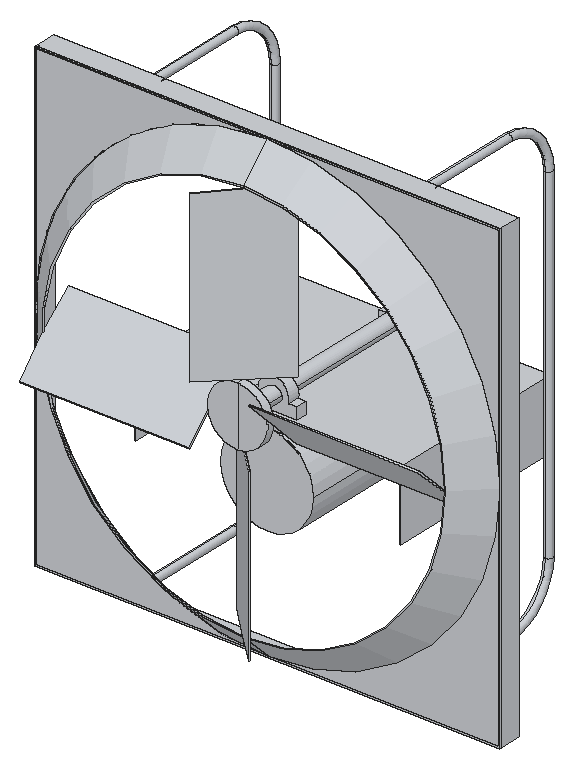
Revit family "XMWH", category Mechanical Equipment, Revit 2019
Family settings
  Round Connector Dimension = Use Diameter
  Part Type = Normal
  Work Plane-Based = No
  Always vertical = Yes
  Cut with Voids When Loaded = No
  Shared = No
  Room Calculation Point = No
Parameters (values of type "54_XMWH")
  Unit Weight [instance] = ""
  Sones [instance] = ""
  SIZE/2 = SIZE / 2  # 2' - 5 15/16"
  SIZE = D - 0' 0 1/8"  # 4' - 11 7/8"
  Motor RPM [instance] = ""
  Motor Enclosure [instance] = ""
  ModelID [instance] = ""
  MOTOR = D / 10  # 0' - 6"
  LwA [instance] = ""
  Fan RPM [instance] = ""
  D/2 = D / 2  # 2' - 6"
  D = 5' - 0"
  E/2 = E / 2  # 0' - 1 1/2"
  E = 0' - 3"
  C/2 = C / 2  # 0' - 3 7/8"
  C = 0' - 7 3/4"
  B/4 = B / 4  # 0' - 6 37/64"
  B/2 = B / 2  # 1' - 1 5/32"
  B = 2' - 2 5/16"
  Accessories [instance] = ""
  A/7 = A / 7  # 0' - 8.59821"
  A/3.5 = A / 3.5  # 1' - 5.19643"
  A/2 = A / 2  # 2' - 6 3/32"
  A = 5' - 0 3/16"
  9" = 0' - 9"  # constant formula
  4'6" = 4' - 6"  # constant formula
  3" = 0' - 3"  # constant formula
  Brake Hp [instance] = ""
  4" = 0' - 4"  # constant formula
  2' = 2' - 0"
  2" = 0' - 2"  # constant formula
  1" = 0' - 1"  # constant formula
  0 = 0' - 0"  # constant formula
  Voltage [instance] = 0 V
  URL = "www.lorencook.com"
  Type Comments = "Heavy Duty Medium-Pressure Wall Exhaust Fan Steel Propeller Belt Drive"  # constant formula
  Static Pressure [instance] = 0.00 in-wg
  Power [instance] = Voltage * Motor FLA * sqrt(if(Phase = 3, 3, 1))  # 0 VA
  Phase [instance] = 0
  Number of Poles [instance] = 1
  Motor Hp [instance] = "0"
  Motor FLA [instance] = 0 A
  Model = "XMMH"  # constant formula
  Manufacturer = "Loren Cook Company"
  CFM [instance] = 0 CFM
  1.5 = 0' - 1 1/2"  # constant formula
  1/2 = 0' - 0 1/2"  # constant formula
  ONE EIGTH = 0' - 0 1/8"  # constant formula
  -D = -E  # -0' - 3"
  -C/2 = -C / 2  # -0' - 3 7/8"
  -B+1" = -B + 0' 2"  # -2' - 0 5/16"
  -B = -B  # -2' - 2 5/16"
  -((SIZE/2)-.25") = -((SIZE / 2) - 0' 0 1/4")  # -2' - 5 11/16"
  -((A/2)-C-.5") = -((A / 2) - C - 0' 0 1/2")  # -1' - 9 27/32"
  (SIZE/2)-.25" = (SIZE / 2) - 0' 0 1/4"  # 2' - 5 11/16"
  (D_SUP/2)-(C/2)-.125" = (D / 2) - (C / 2) - 0' 0 1/8"  # 2' - 2"
  (A/2)-C-.5" = (A / 2) - C - 0' 0 1/2"  # 1' - 9 27/32"
  (A/2)-1" = (A / 2) - 0' 0 1/4"  # 2' - 5 27/32"
Types (9): name | SIZE/2 | SIZE | MOTOR | D/2 | D | E/2 | E | C/2 | C | B/4 | B/2 | B | A/7 | A/3.5 | A/2 | A | -D | -C/2 | -B+1" | -B | -((SIZE/2)-.25") | -((A/2)-C-.5") | (SIZE/2)-.25" | (D_SUP/2)-(C/2)-.125" | (A/2)-C-.5" | (A/2)-1"
  (no name) | 2' - 5 15/16" | 4' - 11 7/8" | 0' - 6" | 2' - 6" | 5' - 0" | 0' - 1 1/2" | 0' - 3" | 0' - 3 7/8" | 0' - 7 3/4" | 0' - 6 37/64" | 1' - 1 5/32" | 2' - 2 5/16" | 0' - 8.59821" | 1' - 5.19643" | 2' - 6 3/32" | 5' - 0 3/16" | -0' - 3" | -0' - 3 7/8" | -2' - 0 5/16" | -2' - 2 5/16" | -2' - 5 11/16" | -1' - 9 27/32" | 2' - 5 11/16" | 2' - 2" | 1' - 9 27/32" | 2' - 5 27/32"
  24_XMWH | 1' - 2 15/16" | 2' - 5 7/8" | 0' - 3" | 1' - 3" | 2' - 6" | 0' - 1 1/2" | 0' - 3" | 0' - 3 3/8" | 0' - 6 3/4" | 0' - 4 49/64" | 0' - 9 17/32" | 1' - 7 1/16" | 0' - 4 5/16" | 0' - 8 5/8" | 1' - 3 3/32" | 2' - 6 3/16" | -0' - 3" | -0' - 3 3/8" | -1' - 5 1/16" | -1' - 7 1/16" | -1' - 2 11/16" | -0' - 7 27/32" | 1' - 2 11/16" | 0' - 11 1/2" | 0' - 7 27/32" | 1' - 2 27/32"
  30_XMWH | 1' - 5 15/16" | 2' - 11 7/8" | 0' - 3.6" | 1' - 6" | 3' - 0" | 0' - 1 1/2" | 0' - 3" | 0' - 3 3/8" | 0' - 6 3/4" | 0' - 4 49/64" | 0' - 9 17/32" | 1' - 7 1/16" | 0' - 5.16964" | 0' - 10.33929" | 1' - 6 3/32" | 3' - 0 3/16" | -0' - 3" | -0' - 3 3/8" | -1' - 5 1/16" | -1' - 7 1/16" | -1' - 5 11/16" | -0' - 10 27/32" | 1' - 5 11/16" | 1' - 2 1/2" | 0' - 10 27/32" | 1' - 5 27/32"
  36_XMWH | 1' - 8 15/16" | 3' - 5 7/8" | 0' - 4.2" | 1' - 9" | 3' - 6" | 0' - 1 1/2" | 0' - 3" | 0' - 3 11/16" | 0' - 7 3/8" | 0' - 4 49/64" | 0' - 9 17/32" | 1' - 7 1/16" | 0' - 6.02679" | 1' - 0.05357" | 1' - 9 3/32" | 3' - 6 3/16" | -0' - 3" | -0' - 3 11/16" | -1' - 5 1/16" | -1' - 7 1/16" | -1' - 8 11/16" | -1' - 1 7/32" | 1' - 8 11/16" | 1' - 5 3/16" | 1' - 1 7/32" | 1' - 8 27/32"
  42_XMWH | 1' - 11 15/16" | 3' - 11 7/8" | 0' - 4.8" | 2' - 0" | 4' - 0" | 0' - 1 1/2" | 0' - 3" | 0' - 3 25/32" | 0' - 7 9/16" | 0' - 5 11/64" | 0' - 10 11/32" | 1' - 8 11/16" | 0' - 6.88393" | 1' - 1.76786" | 2' - 0 3/32" | 4' - 0 3/16" | -0' - 3" | -0' - 3 25/32" | -1' - 6 11/16" | -1' - 8 11/16" | -1' - 11 11/16" | -1' - 4 1/32" | 1' - 11 11/16" | 1' - 8 3/32" | 1' - 4 1/32" | 1' - 11 27/32"
  48_XMWH | 2' - 2 15/16" | 4' - 5 7/8" | 0' - 5.4" | 2' - 3" | 4' - 6" | 0' - 1 1/2" | 0' - 3" | 0' - 3 15/16" | 0' - 7 7/8" | 0' - 6 37/64" | 1' - 1 5/32" | 2' - 2 5/16" | 0' - 7.74107" | 1' - 3.48214" | 2' - 3 3/32" | 4' - 6 3/16" | -0' - 3" | -0' - 3 15/16" | -2' - 0 5/16" | -2' - 2 5/16" | -2' - 2 11/16" | -1' - 6 23/32" | 2' - 2 11/16" | 1' - 10 15/16" | 1' - 6 23/32" | 2' - 2 27/32"
  54_XMWH | 2' - 5 15/16" | 4' - 11 7/8" | 0' - 6" | 2' - 6" | 5' - 0" | 0' - 1 1/2" | 0' - 3" | 0' - 3 7/8" | 0' - 7 3/4" | 0' - 6 37/64" | 1' - 1 5/32" | 2' - 2 5/16" | 0' - 8.59821" | 1' - 5.19643" | 2' - 6 3/32" | 5' - 0 3/16" | -0' - 3" | -0' - 3 7/8" | -2' - 0 5/16" | -2' - 2 5/16" | -2' - 5 11/16" | -1' - 9 27/32" | 2' - 5 11/16" | 2' - 2" | 1' - 9 27/32" | 2' - 5 27/32"
  60_XMWH | 2' - 8 15/16" | 5' - 5 7/8" | 0' - 6.6" | 2' - 9" | 5' - 6" | 0' - 1 1/2" | 0' - 3" | 0' - 3 15/16" | 0' - 7 7/8" | 0' - 6 37/64" | 1' - 1 5/32" | 2' - 2 5/16" | 0' - 9.45536" | 1' - 6.91071" | 2' - 9 3/32" | 5' - 6 3/16" | -0' - 3" | -0' - 3 15/16" | -2' - 0 5/16" | -2' - 2 5/16" | -2' - 8 11/16" | -2' - 0 23/32" | 2' - 8 11/16" | 2' - 4 15/16" | 2' - 0 23/32" | 2' - 8 27/32"
  20_XMWH | 0' - 11 15/16" | 1' - 11 7/8" | 0' - 2.4" | 1' - 0" | 2' - 0" | 0' - 1" | 0' - 2" | 0' - 2 5/8" | 0' - 5 1/4" | 0' - 4 49/64" | 0' - 9 17/32" | 1' - 7 1/16" | 0' - 3.45536" | 0' - 6.91071" | 1' - 0 3/32" | 2' - 0 3/16" | -0' - 2" | -0' - 2 5/8" | -1' - 5 1/16" | -1' - 7 1/16" | -0' - 11 11/16" | -0' - 6 11/32" | 0' - 11 11/16" | 0' - 9 1/4" | 0' - 6 11/32" | 0' - 11 27/32"
Reference planes (in)
  plane 1 "Center (Front/Back)": y = 0
  plane 2: z = 0
  plane 3 "Center (Left/Right)": x = 0.40541
Forms (in)
  Revolve 1, solid
    sketch origin (0.40541, 0, 0) x (0, 1, 0) y (0, 0, 1)
      loop
        line (-4.875, 3.875) -> (-4.875, 0) -> (-3.875, 0) -> (-3.875, 3.875) -> (-4.875, 3.875)
      axis (-4.875, 0) -> (-3.875, 0)
    angle from 0 to 360
  Extrusion 2, solid
    sketch origin (0.40541, 0, 0) x (0, 1, 0) y (0, 0, 1)
      loop
        line (0, -3.875) -> (-7.75, 3.875) -> (-7.83839, 3.78661) -> (-0.08839, -3.96339) -> (0, -3.875)
    from 48 to 3.875 <- "C/2"
  Extrusion 3, solid
    sketch origin (0.40541, 0, 0) x (0, 1, 0) y (-1, 0, 0)
      loop
        line (0, -3.875) -> (-7.75, 3.875) -> (-7.83839, 3.78661) -> (-0.08839, -3.96339) -> (0, -3.875)
    from 48 to 3.875 <- "C/2"
  Extrusion 4, solid
    sketch origin (0.40541, 0, 0) x (0, 1, 0) y (0, 0, -1)
      loop
        line (0, -3.875) -> (-7.75, 3.875) -> (-7.83839, 3.78661) -> (-0.08839, -3.96339) -> (0, -3.875)
    from 48 to 3.875 <- "C/2"
  Extrusion 5, solid
    sketch origin (0.40541, 0, 0) x (1, 0, 0) y (0, 1, 0)
      loop
        line (-3.875, 0) -> (-3.96339, -0.08839) -> (3.78661, -7.83839) -> (3.875, -7.75) -> (-3.875, 0)
    from -48 to -3.875 <- "-C/2"
  Extrusion 6, void
    sketch origin (0, 0, 0) x (1, 0, 0) y (0, 0, 1)
      loop
        circle (0.40541, 0) r 26
      loop
        circle (0.40541, 0) r 54
    from 0 to 10
  Extrusion 7, solid
    sketch origin (0, 0, 0) x (1, 0, 0) y (0, 0, 1)
      loop
        line (-29.68834, 30.09375) -> (-29.68834, -30.09375) -> (30.49916, -30.09375) -> (30.49916, 30.09375) -> (-29.68834, 30.09375)
      loop
        circle (0.40541, 0) r 30
    from 0 to -0.125
  Extrusion 8, solid
    sketch origin (0, 0, 0) x (1, 0, 0) y (0, 0, 1)
      loop
        line (-29.68834, 30.09375) -> (-29.68834, -30.09375) -> (30.49916, -30.09375) -> (30.49916, 30.09375) -> (-29.68834, 30.09375)
      loop
        line (30.37416, -29.96875) -> (30.37416, 29.96875) -> (-29.56334, 29.96875) -> (-29.56334, -29.96875) -> (30.37416, -29.96875)
    from 0 to -3 <- "-D"
  Extrusion 9, solid
    sketch origin (0, 0, 0) x (1, 0, 0) y (0, 0, 1)
      loop
        circle (0.40541, 0) r 1
    from 2 to -26.3125 <- "-B"
  Extrusion 10, solid
    sketch origin (0, 0, 0) x (1, 0, 0) y (0, 0, 1)
      loop
        line (-16.79102, -2) -> (-16.79102, -11) -> (-16.66602, -11) -> (-16.66602, -3.5) -> (17.47684, -3.5) -> (17.47684, -11) -> (17.60184, -11) -> (17.60184, -2) -> (-16.79102, -2)
    from 0 to -24.3125 <- "-B+1""
  Sweep 11, solid
    path origin (0.40541, 0, 0) x (0, 1, 0) y (0, 0, 1)
      loop
        line (0.125, 28.96875) -> (16.73437, 28.96875)
        arc (16.73437, 28.96875) -> (21.38581, 27.04206) -> (23.3125, 22.39062) r 6.57812
        line (23.3125, 22.39062) -> (23.3125, -22.39062)
        arc (23.3125, -22.39062) -> (21.38581, -27.04206) -> (16.73437, -28.96875) r 6.57812
        line (16.73437, -28.96875) -> (0.125, -28.96875)
    profile origin (0.40541, 8.42969, 28.96875) x (0, 0, 1) y (1, 0, 0)
      loop
        circle (0, -17.69643) r 0.5
      loop
        circle (0, 17.69643) r 0.5
  Revolve 12, solid
    sketch origin (0.40541, 0, 0) x (0, 1, 0) y (0, 0, 1)
      loop
        line (0, 30) -> (-3.875, 26.17563) -> (-3.875, 26) -> (0, 29.82437) -> (0, 30)
      axis (-3.875, 0) -> (0, 0)
    angle from 0 to 360
  Extrusion 13, solid
    sketch origin (0, 24.3125, 0) x (-1, 0, 0) y (0, 0, 1)
      loop
        circle (-0.40541, -9.5) r 6
    from 0 to -24.3125 <- "-B+1""
  Extrusion 14, solid
    sketch origin (0, 26.3125, 0) x (-1, 0, 0) y (0, 0, 1)
      loop
        circle (-0.40541, -9.5) r 1
    from 0 to -2
  Extrusion 15, solid
    sketch origin (0, 24.3125, 0) x (-1, 0, 0) y (0, 0, 1)
      loop
        line (-3.40541, -0.5) -> (-3.40541, -2) -> (2.59459, -2) -> (2.59459, -0.5) -> (1.53108, -0.5)
        arc (1.53108, -0.5) -> (-0.40541, 2) -> (-2.3419, -0.5) r 2
        line (-2.3419, -0.5) -> (-3.40541, -0.5)
    from -2.5 to -1
  Extrusion 16, solid
    sketch origin (0, 0, 0) x (1, 0, 0) y (0, 0, 1)
      loop
        arc (2.3419, -0.5) -> (0.40541, 2) -> (-1.53108, -0.5) r 2
        line (-1.53108, -0.5) -> (-2.59459, -0.5) -> (-2.59459, -2) -> (3.40541, -2) -> (3.40541, -0.5) -> (2.3419, -0.5)
    from -2.5 to -1
Cuts and joins
  Extrusion 6 cuts Revolve 1
  Extrusion 6 cuts Extrusion 2
  Extrusion 6 cuts Extrusion 3
  Extrusion 6 cuts Extrusion 4
  Extrusion 6 cuts Extrusion 5
Dimensions and locks (in)
  "0": Revolve 1 sketch curve to level  (x2)
  "C/2": Revolve 1 sketch curve to level
  "C/2": plane 1 "Center (Front/Back)" to Revolve 1 sketch curve
  "1"": Revolve 1 sketch curve to Revolve 1 sketch curve
  "0": Extrusion 2 sketch curve to plane 1 "Center (Front/Back)"
  "C": plane 1 "Center (Front/Back)" to Extrusion 2 sketch curve
  "C/2": Extrusion 2 sketch curve to level
  "C/2": level to Extrusion 2 sketch curve
  "ONE EIGTH": Extrusion 2 sketch curve to Extrusion 2 sketch curve
  "ONE EIGTH": Extrusion 3 sketch curve to Extrusion 3 sketch curve
  "ONE EIGTH": Extrusion 4 sketch curve to Extrusion 4 sketch curve
  "ONE EIGTH": Extrusion 5 sketch curve to Extrusion 5 sketch curve
  Extrusion 6 sketch curve to plane 3 "Center (Left/Right)" = 0' - 0"  (x2)
  level to Extrusion 6 sketch curve = 0' - 0"
  Extrusion 6 sketch curve to level = 0' - 0"
  "0": Extrusion 3 sketch curve to plane 1 "Center (Front/Back)"
  "C": Extrusion 3 sketch curve to plane 1 "Center (Front/Back)"
  "C/2": plane 3 "Center (Left/Right)" to Extrusion 3 sketch curve
  "C/2": Extrusion 3 sketch curve to plane 3 "Center (Left/Right)"
  "C": plane 1 "Center (Front/Back)" to Extrusion 4 sketch curve
  "0": Extrusion 4 sketch curve to plane 1 "Center (Front/Back)"
  "C/2": level to Extrusion 4 sketch curve
  "C/2": Extrusion 4 sketch curve to level
  "0": Extrusion 5 sketch curve to plane 1 "Center (Front/Back)"
  "C": Extrusion 5 sketch curve to plane 1 "Center (Front/Back)"
  "C/2": plane 3 "Center (Left/Right)" to Extrusion 5 sketch curve
  "C/2": Extrusion 5 sketch curve to plane 3 "Center (Left/Right)"
  "A/2": plane 3 "Center (Left/Right)" to Extrusion 7 sketch curve
  "A/2": Extrusion 7 sketch curve to plane 3 "Center (Left/Right)"
  "A/2": Extrusion 7 sketch curve to level
  "A/2": level to Extrusion 7 sketch curve
  "0": Extrusion 7 sketch curve to level
  "0": Extrusion 7 sketch curve to plane 3 "Center (Left/Right)"
  "ONE EIGTH": Extrusion 8 sketch curve to Extrusion 8 sketch curve  (x4)
  "A/2": plane 3 "Center (Left/Right)" to Extrusion 8 sketch curve  (x2)
  "A/2": level to Extrusion 8 sketch curve
  "A/2": Extrusion 8 sketch curve to level
  "0": Extrusion 9 sketch curve to level
  "0": Extrusion 9 sketch curve to plane 3 "Center (Left/Right)"
  "2"": level to Extrusion 10 sketch curve
  "9"": Extrusion 10 sketch curve to Extrusion 10 sketch curve  (x2)
  "A/3.5": Extrusion 10 sketch curve to plane 3 "Center (Left/Right)"
  "A/3.5": plane 3 "Center (Left/Right)" to Extrusion 10 sketch curve
  "ONE EIGTH": Sweep 11 sketch curve to plane 1 "Center (Front/Back)"  (x2)
  "1"": Extrusion 8 to Sweep 11 sketch curve  (x2)
  "0": Sweep 11 sketch curve to profile plane  (x2)
  "1/2": Sweep 11 sketch curve to Extrusion 10  (x2)
  "0": Revolve 12 sketch curve to level
  "ONE EIGTH": Extrusion 10 sketch curve to Extrusion 10 sketch curve  (x2)
  "1.5": Extrusion 10 sketch curve to Extrusion 10 sketch curve
  "1"": Extrusion 10 to Sweep 11 sketch curve
  "0": Extrusion 13 sketch curve to plane 3 "Center (Left/Right)"
  "MOTOR": Extrusion 13 sketch curve to Extrusion 10
  "0": Extrusion 14 sketch curve to plane 3 "Center (Left/Right)"
  "MOTOR": Extrusion 14 sketch curve to Extrusion 10
  "0": Extrusion 10 to Extrusion 15 sketch curve
  "1.5": Extrusion 15 sketch curve to Extrusion 15 sketch curve
  "3"": plane 3 "Center (Left/Right)" to Extrusion 15 sketch curve  (x2)
  "0": Extrusion 15 sketch curve to plane 3 "Center (Left/Right)"
  "0": level to Extrusion 15 sketch curve
  "0": Extrusion 16 sketch curve to plane 3 "Center (Left/Right)"
  "0": Extrusion 16 sketch curve to level
  "0": Extrusion 10 to Extrusion 16 sketch curve
  "1.5": Extrusion 10 to Extrusion 16 sketch curve
  "3"": plane 3 "Center (Left/Right)" to Extrusion 16 sketch curve  (x2)
  "0": Extrusion 8 to Revolve 12 sketch curve
  "ONE EIGTH": Revolve 12 sketch curve to Revolve 12 sketch curve
  "C/2": Revolve 12 sketch curve to Revolve 12 sketch curve
  "D/2": Revolve 12 sketch curve to level
  "(D_SUP/2)-(C/2)-.125"": Revolve 12 sketch curve to level
  "(D_SUP/2)-(C/2)-.125"": radius of Extrusion 6 sketch curve
  "D/2": radius of Extrusion 7 sketch curve
  "1"": radius of Extrusion 9 sketch curve
  "B/4": radius of Sweep 11 sketch curve  (x2)
  "1/2": radius of Sweep 11 sketch curve  (x2)
  "MOTOR": radius of Extrusion 13 sketch curve
  "1"": radius of Extrusion 14 sketch curve
  "2"": radius of Extrusion 15 sketch curve
  "2"": radius of Extrusion 16 sketch curve
  "4'6"": radius of Extrusion 6 sketch curve
Automatic sketch dimensions
  Revolve 1 sketch curve to plane 1 "Center (Front/Back)" = 0' - 0"
  Revolve 1 sketch curve to Revolve 1 sketch curve = 2' - 2"
  Extrusion 15 sketch curve to Extrusion 15 sketch curve = 0' - 1.06351"
  Extrusion 16 sketch curve to Extrusion 16 sketch curve = 0' - 1.06351"
  Extrusion 16 sketch curve to Extrusion 16 sketch curve = 0' - 0"  (x2)
  plane 1 "Center (Front/Back)" to Revolve 12 sketch curve = 0' - 3 1/4"
  Revolve 12 sketch curve to Revolve 12 sketch curve = 0' - 1.44822"
Connectors (in)
  hvac at (0.40541, 3, 0), driven by "A", driven by "A", driven by "CFM"
    settings: on Extrusion 8, index 1, duct flow 0 CFM, flow factor 0, pres drop 0.00 in-wg, loss coef 0, conn angle 0.00°, conn width 60 3/16", conn height 60 3/16", conn diameter 24", duct sys type 3, conn prof type 1, flow config 0, flow direction 2, loss method 0, conn ref index -1, conn util no, is conn primary yes, conn desc ""
  electrical at (0.40541, 0, -9.5)
    settings: on Extrusion 13, index 2, voltage 0 V, apparent load 0 VA, apparent load phase1 0 VA, apparent load phase2 0 VA, apparent load phase3 0 VA, power factor 1, load classification "Other", number of poles 1, system type 30, power factor state 1, is connector primary yes, connector utility no, sub classification motor no, connector description ""
